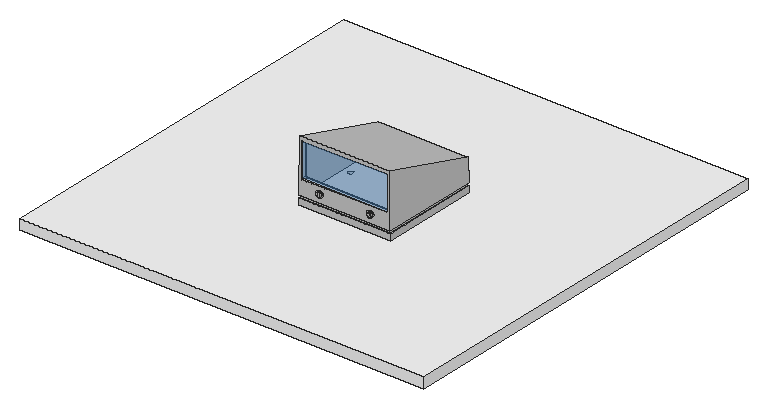
Revit family "BE_22215_de_DE", category Leuchten, Revit 2015
Parameters (values of type "BEGA_22215_Silber_K4")
  built-in parameter 1150104 = 12.387 (stored number, unit not read)
  Wattage = 2.1 W
  Default Elevation = 0 mm
  built-in parameter 1150113 = 1 (stored number, unit not read)
  built-in parameter 1114218 = 1 (stored number, unit not read)
  Umgebungstemperatur = ""
  URL = "http://www.bega.de/produkt/22215"
  Typenkommentare = "© 2016 BEGA. Wir behalten uns das Recht vor, technische Änderungen ohne vorherige Ankündigung vorzunehmen."  # constant formula
  Type Image = 22215.png
  built-in parameter 1150134 = 12
  built-in parameter 1150109 = 1 (stored number, unit not read)
  Strom = ""
  built-in parameter 1150110 = 1 (stored number, unit not read)
  Spannung = 0 V
  Sonderanfertigung = no
  Seriennummer [instance] = "Hier können Sie die eindeutige Seriennummer für das Facility Management eintragen."
  Schutzklasse = "I"
  Schutzart = "IP 64"
  Scheinlast = 0 VA
  Produktdatenblatt = "http://www.bega.de/download/Xrfa/db/22215.db.de.pdf"
  Oberflächentemperatur = ""
  Neigungswinkel = 0.00°
  Modell = "22215AK4"
  Material_10 = BEGA_Glas_matt
  Material_06 = BEGA_Oberfläche_Edelstahl_gebürstet
  Material_02 = BEGA_Oberfläche_Silber_matt
  Material_01 [instance] = BEGA_Oberfläche_Grafit_matt
  M_W = no
  M_G = no
  M_A = yes
  Logo = 0
  built-in parameter 1114217 = 1 (stored number, unit not read)
  built-in parameter 1150139 = (empty or 0)
  built-in parameter 1150105 = 22.281 (stored number, unit not read)
  built-in parameter 1150114 = 1 (stored number, unit not read)
  Lumens = 279.993 lm
  built-in parameter 1150115 = 1 (stored number, unit not read)
  Leuchtenlichtstrom = "173 lm"
  Leuchtenanzahl = ""
  Lebensdauerkriterien = "L70 = 50.000 h"
  Lastklassifizierung = Beleuchtung
  built-in parameter 1150112 = 1 (stored number, unit not read)
  Lampenlichtstrom = "280 lm"
  Lampe = "LED 2.1 W"
  LED_Modulbezeichnung = "LED-0234/840 "
  built-in parameter 1150142 = (empty or 0)
  Hersteller = "BEGA"  # constant formula
  Halbstreuwinkel = ""
  Gewicht = "0.4 kg"
  Gebrauchslageneinschränkung [instance] = ""
  Frequenz = "0/50-60 Hz"
  Farbwiedergabeindex = "Ra > 80"
  Farbtemperaturverschiebung bei Dämpfen der Lampe = <Keine Auswahl>
  Farbtemperatur = "4000 K"
  Color Filter = 16777215
  built-in parameter 1150133 = 10 (stored number, unit not read)
  Energieeffizienzklasse = "LED A++ - A"
  built-in parameter 1150137 = (empty or 0)
  built-in parameter 1150132 = (empty or 0)
  ENEC = "ja"
  Datei für fotometrisches Netz = "BE_22215K4.IES"
  CE_Konformität = "ja"
  Bestellnummer = "22215AK4"
  Beschreibung_Sonderanfertigung = "Hier können Sie Informationen zur Sonderanfertigung eintragen."
  Beschreibung = "Wandleuchte"
  built-in parameter 1150106 = 0.22281 (stored number, unit not read)
  Befestigungsbohrung = "Ø 4,3 mm"
  Befestigungsabstand = "65 mm"
  Ballwurfsicher = ""
  BEGA_Intern_aus = yes
  BEGA_Intern_an = yes
  BEGA_Intern_Konstruktion = yes
  BEGA_Intern = yes
  BEGA_IES = yes
  BEGA_Dummy = no
  Anschlussleitung = ""
  Anschlussleistung [instance] = "3.4 W"
  built-in parameter 1150107 = 4000 (stored number, unit not read)
  built-in parameter 1150102 = (empty or 0)
  built-in parameter 1150138 = (empty or 0)
  Aktualisierung = "2016-06-16T04:10:53"
  Abstand_zur_angestrahlten_Fläche [instance] = ""
  AC/DC = "AC/DC"
Types (4, lengths in mm): name | built-in parameter 1150134 | Modell | M_G | M_A | LED_Modulbezeichnung | Farbtemperatur | Datei für fotometrisches Netz | Bestellnummer | built-in parameter 1150107
  BEGA_22215_Silber_K3 | (empty or 0) | "22215A" | no | yes | "LED-0234/830 " | "3000 K" | "BE_22215.IES" | "22215A" | 3000 (stored number, unit not read)
  BEGA_22215_Grafit_K3 | (empty or 0) | "22215" | yes | no | "LED-0234/830 " | "3000 K" | "BE_22215.IES" | "22215" | 3000 (stored number, unit not read)
  BEGA_22215_Grafit_K4 | 12 | "22215K4" | yes | no | "LED-0234/840 " | "4000 K" | "BE_22215K4.IES" | "22215K4" | 4000 (stored number, unit not read)
  BEGA_22215_Silber_K4 | 12 | "22215AK4" | no | yes | "LED-0234/840 " | "4000 K" | "BE_22215K4.IES" | "22215AK4" | 4000 (stored number, unit not read)
Reference planes
  plane 1 "Mitte (Vorne/Hinten)": y = 0
  plane 2: z = 0
  plane 3 "Mitte (Links/Rechts)": x = 0
  plane 4 "Links": x = -45.162
  plane 5 "Rechts": x = 45.162
  plane 6 "Unten": y = -48.412
  plane 7 "Oben": y = 48.412
  plane 8 "Vorne": z = 61.629
Forms (mm)
  Extrusion 1, solid, material "BEGA_Platte_Weiss"
    sketch origin (0, -1119.2, 0) x (1, 0, 0) y (0, 1, 0)
      loop
        line (-200, 1319.2) -> (-200, 919.2) -> (200, 919.2) -> (200, 1319.2) -> (-200, 1319.2)
    from 0 to -10
  Extrusion 2, solid, material "BEGA_Dummy_matt", visible <- "BEGA_Dummy"
    sketch origin (80.095, -76.023, 0) x (1, 0, 0) y (0, 1, 0)
      loop
        line (-125.258, 124.435) -> (-125.258, 27.611) -> (-34.933, 27.611) -> (-34.933, 124.435) -> (-125.258, 124.435)
    from 0 to 61.629
Dimensions and locks
  plane 1 "Mitte (Vorne/Hinten)" to Extrusion 1 = 200 mm
  aligned and locked: plane 2 to Extrusion 1
  aligned and locked: level to Extrusion 1
Nested families
  nested 1: "BE_22215" at (0, 0, 0) x (0, -1, 0) z (0, 0, 1), type "BE_22215"
Connectors
  electrical at (0, 0, 0), driven by "Lastklassifizierung", driven by "Spannung", driven by "Scheinlast"
    settings: index 1, voltage 0 V, apparent load 0 VA, apparent load phase1 0 VA, apparent load phase2 0 VA, apparent load phase3 0 VA, power factor 1, load classification "Beleuchtung", number of poles 1, system type 31, power factor state 1, is connector primary yes, connector utility no, sub classification motor no, connector description ""
Definition of nested family "BE_22215"
  Parameters (values of type "BE_22215")
    Default Elevation = 1 mm
    URL = "http://www.bega.de/de/produkt"
    Type Comments = "© 2015 BEGA. Wir behalten uns das Recht vor, technische Änderungen ohne vorherige Ankündigung vorzunehmen. "  # constant formula
    Type Image = (empty or 0)
    Material_17 = none
    Material_15 = none
    Material_11 = none
    Material_10 = none
    Material_09 = none
    Material_06 = none
    Material_03 = none
    Material_02 = none
    Material_01 = none
    M_W = yes
    M_G = yes
    M_A = yes
    Länge_Platte = 200 mm  # constant formula
    Höhe_Platte = -10 mm  # constant formula
    Manufacturer = "BEGA"  # constant formula
    Breite_Platte = 200 mm  # constant formula
  Reference planes
    plane 1 "Mitte (Oben/Unten)": y = 0
    plane 2: z = 0
    plane 3 "Mitte (Links/Rechts)": x = 0
    plane 4 "Vorne": z = 61.629
    plane 5 "Hinten": z = 0
    plane 6 "Links": x = -48.412
    plane 7 "Unten": y = -45.162
    plane 8: x = 48.412
    plane 9: y = 45.162
  Forms (mm)
    Extrusion 1, solid, detail levels medium
      sketch origin (0, 0, 0) x (1, 0, 0) y (0, 1, 0)
        loop
          line (-100, 100) -> (-100, -100) -> (100, -100) -> (100, 100) -> (-100, 100)
      from 0 to -10 <- "Höhe_Platte"
    Sweep 2, solid, material <- "Material_01", visible <- "M_G", detail levels medium+fine
      path origin (0, 0, 0) x (1, 0, 0) y (0, 1, 0)
        loop
          line (-48.412, -45.162) -> (48.412, -45.162) -> (48.412, 45.162) -> (-48.412, 45.162) -> (-48.412, -45.162)
      profile origin (-48.412, 0, 0) x (-1, 0, 0) y (0, 0, 1)
        loop
          line (0, 0) -> (0, 6.27) -> (-0.971, 6.27) -> (-0.971, 8.699) -> (-3.859, 11.3) -> (-9.219, 11.3) -> (-9.219, 9) -> (-6.491, 9) -> (-6.491, 0) -> (0, 0)
    Extrusion 3, solid, material <- "Material_01", visible <- "M_G", detail levels medium+fine
      sketch origin (0, 0, 0) x (1, 0, 0) y (0, 1, 0)
        loop
          line (-39.193, -35.943) -> (39.193, -35.943) -> (39.193, 35.943) -> (-39.193, 35.943) -> (-39.193, -35.943)
      from 9 to 11.3
    Extrusion 4, solid, material <- "Material_01", visible <- "M_G", detail levels medium+fine
      sketch origin (0, 0, 0) x (1, 0, 0) y (0, 0, 1)
        loop
          line (-47.897, 31.324) -> (-48.292, 8.699) -> (-47.442, 8.699) -> (-45.222, 10.697) -> (-44.575, 29.225) -> (43.708, 57.061) -> (43.708, 11.851) -> (47.208, 8.699) -> (48.208, 8.699) -> (48.208, 61.625) -> (-47.897, 31.324)
      from -44.986 to 45.007
    Extrusion 5, solid, material <- "Material_01", visible <- "M_G", detail levels medium+fine
      sketch origin (0, 0, 0) x (1, 0, 0) y (0, 0, 1)
        loop
          line (48.208, 61.625) -> (-47.897, 31.324) -> (-48.292, 8.699) -> (48.208, 8.699) -> (48.208, 61.625)
      from 41.297 to 45.007
    Extrusion 6, solid, material <- "Material_01", visible <- "M_G", detail levels medium+fine
      sketch origin (0, 0, 0) x (1, 0, 0) y (0, 0, -1)
        loop
          line (48.208, -61.625) -> (48.208, -8.699) -> (-48.292, -8.699) -> (-47.897, -31.324) -> (48.208, -61.625)
      from 41.297 to 44.986
    Extrusion 7, void
      sketch origin (0, 0, 0) x (1, 0, 0) y (0, 0, 1)
        loop
          line (43.75, 23.237) -> (48.208, 23.237) -> (48.208, 57.707) -> (43.75, 57.707) -> (43.75, 23.237)
      from -42.296 to 42.257
    Extrusion 8, solid, material <- "Material_10", detail levels medium+fine
      sketch origin (0, 0, 0) x (1, 0, 0) y (0, 0, 1)
        loop
          line (43.75, 57.4) -> (43.75, 23.509) -> (47.75, 23.509) -> (47.75, 57.4) -> (43.75, 57.4)
      from -41.967 to 41.912
    Revolve 9, solid, material <- "Material_06", detail levels fine
      sketch origin (0, -25, 0) x (1, 0, 0) y (0, 0, 1)
        loop
          line (47.46, 19.692) -> (47.46, 16.49) -> (49.827, 16.49) -> (49.827, 18.49) -> (48.708, 18.49) -> (48.708, 19.692) -> (47.46, 19.692)
        axis (47.46, 16.49) -> (49.827, 16.49)
      angle from 0 to 360
    Revolve 10, solid, material <- "Material_06", detail levels fine
      sketch origin (0, 25.123, 0) x (1, 0, 0) y (0, 0, -1)
        loop
          line (47.46, -19.692) -> (48.708, -19.692) -> (48.708, -18.49) -> (49.827, -18.49) -> (49.827, -16.49) -> (47.46, -16.49) -> (47.46, -19.692)
        axis (47.46, -16.49) -> (49.827, -16.49)
      angle from 0 to 360
    Sweep 11, solid, material <- "Material_02", visible <- "M_A", detail levels medium+fine
      path origin (0, 0, 0) x (1, 0, 0) y (0, 1, 0)
        loop
          line (-48.412, -45.162) -> (48.412, -45.162) -> (48.412, 45.162) -> (-48.412, 45.162) -> (-48.412, -45.162)
      profile origin (-48.412, 0, 0) x (-1, 0, 0) y (0, 0, 1)
        loop
          line (0, 0) -> (0, 6.27) -> (-0.971, 6.27) -> (-0.971, 8.699) -> (-3.859, 11.3) -> (-9.219, 11.3) -> (-9.219, 9) -> (-6.491, 9) -> (-6.491, 0) -> (0, 0)
    Extrusion 12, solid, material <- "Material_02", visible <- "M_A", detail levels medium+fine
      sketch origin (0, 0, 0) x (1, 0, 0) y (0, 1, 0)
        loop
          line (-39.193, -35.943) -> (39.193, -35.943) -> (39.193, 35.943) -> (-39.193, 35.943) -> (-39.193, -35.943)
      from 9 to 11.3
    Extrusion 13, solid, material <- "Material_02", visible <- "M_A", detail levels medium+fine
      sketch origin (0, 0, 0) x (1, 0, 0) y (0, 0, 1)
        loop
          line (-47.897, 31.324) -> (-48.292, 8.699) -> (-47.442, 8.699) -> (-45.222, 10.697) -> (-44.575, 29.225) -> (43.708, 57.061) -> (43.708, 11.851) -> (47.208, 8.699) -> (48.208, 8.699) -> (48.208, 61.625) -> (-47.897, 31.324)
      from -44.986 to 45.007
    Extrusion 14, solid, material <- "Material_02", visible <- "M_A", detail levels medium+fine
      sketch origin (0, 0, 0) x (1, 0, 0) y (0, 0, 1)
        loop
          line (48.208, 61.625) -> (-47.897, 31.324) -> (-48.292, 8.699) -> (48.208, 8.699) -> (48.208, 61.625)
      from 41.297 to 45.007
    Extrusion 15, solid, material <- "Material_02", visible <- "M_A", detail levels medium+fine
      sketch origin (0, 0, 0) x (1, 0, 0) y (0, 0, -1)
        loop
          line (48.208, -61.625) -> (48.208, -8.699) -> (-48.292, -8.699) -> (-47.897, -31.324) -> (48.208, -61.625)
      from 41.297 to 44.986
    Extrusion 16, void
      sketch origin (0, 0, 0) x (1, 0, 0) y (0, 1, 0)
        loop
          circle (-27.65, 18.5) r 7.5
        loop
          circle (0, -32.5) r 2.54
        loop
          circle (0, 32.5) r 2.54
      from 0 to 14.981
    Extrusion 17, void
      sketch origin (0, 0, 0) x (0, 1, 0) y (0, 0, 1)
        loop
          line (-45.007, 8.699) -> (-44.028, 64.821) -> (-45.007, 64.821) -> (-45.007, 8.699)
        loop
          line (44.986, 8.699) -> (44.986, 64.821) -> (44.007, 64.821) -> (44.986, 8.699)
      from -50.426 to 52.245
  Cuts and joins
    Extrusion 16 cuts Sweep 2
    Extrusion 16 cuts Extrusion 3
    joined: Sweep 2, Extrusion 3
    Extrusion 7, Extrusion 16, Extrusion 17 cuts Extrusion 4
    Extrusion 7, Extrusion 16, Extrusion 17 cuts Extrusion 5
    Extrusion 7, Extrusion 16, Extrusion 17 cuts Extrusion 6
    joined: Extrusion 4, Extrusion 5, Extrusion 6
    Extrusion 16 cuts Sweep 11
    Extrusion 16 cuts Extrusion 12
    joined: Sweep 11, Extrusion 12
    Extrusion 7, Extrusion 16, Extrusion 17 cuts Extrusion 13
    Extrusion 7, Extrusion 16, Extrusion 17 cuts Extrusion 14
    Extrusion 7, Extrusion 16, Extrusion 17 cuts Extrusion 15
    joined: Extrusion 13, Extrusion 14, Extrusion 15
  Dimensions and locks
    equal spacing: Extrusion 1 sketch curve, plane 3 "Mitte (Links/Rechts)", Extrusion 1 sketch curve
    equal spacing: Extrusion 1 sketch curve, plane 1 "Mitte (Oben/Unten)", Extrusion 1 sketch curve
    "Länge_Platte": Extrusion 1 sketch curve to Extrusion 1 sketch curve
    "Breite_Platte": Extrusion 1 sketch curve to Extrusion 1 sketch curve
    aligned and locked: Extrusion 1 to plane 2
    aligned and locked: level to Extrusion 1
  Automatic sketch dimensions
    Sweep 2 sketch curve to plane 3 "Mitte (Links/Rechts)" = 48.412 mm
    plane 3 "Mitte (Links/Rechts)" to Sweep 2 sketch curve = 48.412 mm
    plane 1 "Mitte (Oben/Unten)" to Sweep 2 sketch curve = 45.162 mm
    Sweep 2 sketch curve to plane 1 "Mitte (Oben/Unten)" = 45.162 mm
    Sweep 2 sketch curve to level = 0 mm
    Sweep 2 sketch curve to profile plane = 0 mm
    profile plane to Sweep 2 sketch curve = 0.971 mm
    profile plane to Sweep 2 sketch curve = 3.859 mm
    Sweep 2 sketch curve to Sweep 2 sketch curve = 2.631 mm
    Sweep 2 sketch curve to Sweep 2 sketch curve = 2.728 mm
    level to Sweep 2 sketch curve = 6.27 mm
    Sweep 2 sketch curve to Sweep 2 sketch curve = 2.429 mm
    Sweep 2 sketch curve to Sweep 2 sketch curve = 0.301 mm
    Sweep 2 sketch curve to Sweep 2 sketch curve = 2.3 mm
    Extrusion 3 sketch curve to plane 3 "Mitte (Links/Rechts)" = 39.193 mm
    plane 3 "Mitte (Links/Rechts)" to Extrusion 3 sketch curve = 39.193 mm
    plane 1 "Mitte (Oben/Unten)" to Extrusion 3 sketch curve = 35.943 mm
    Extrusion 3 sketch curve to plane 1 "Mitte (Oben/Unten)" = 35.943 mm
    level to Extrusion 4 sketch curve = 8.699 mm  (x2)
    Extrusion 4 sketch curve to plane 3 "Mitte (Links/Rechts)" = 48.292 mm
    Extrusion 4 sketch curve to Extrusion 4 sketch curve = 0.395 mm
    Extrusion 4 sketch curve to Extrusion 4 sketch curve = 0.85 mm
    level to Extrusion 4 sketch curve = 10.697 mm
    Extrusion 4 sketch curve to Extrusion 4 sketch curve = 2.219 mm
    Extrusion 4 sketch curve to Extrusion 4 sketch curve = 3.322 mm
    plane 3 "Mitte (Links/Rechts)" to Extrusion 4 sketch curve = 43.708 mm
    Extrusion 4 sketch curve to Extrusion 4 sketch curve = 3.501 mm
    Extrusion 4 sketch curve to Extrusion 4 sketch curve = 0.999 mm
    Extrusion 4 sketch curve to Extrusion 4 sketch curve = 3.152 mm
    Extrusion 4 sketch curve to Extrusion 4 sketch curve = 18.528 mm
    Extrusion 4 sketch curve to Extrusion 4 sketch curve = 2.098 mm
    Extrusion 4 sketch curve to Extrusion 4 sketch curve = 45.21 mm
    Extrusion 4 sketch curve to Extrusion 4 sketch curve = 4.564 mm
    level to Extrusion 5 sketch curve = 8.699 mm
    Extrusion 5 sketch curve to plane 3 "Mitte (Links/Rechts)" = 48.292 mm
    Extrusion 5 sketch curve to Extrusion 5 sketch curve = 0.395 mm
    plane 3 "Mitte (Links/Rechts)" to Extrusion 5 sketch curve = 48.208 mm
    Extrusion 5 sketch curve to Extrusion 5 sketch curve = 22.625 mm
    Extrusion 5 sketch curve to Extrusion 5 sketch curve = 52.926 mm
    level to Extrusion 6 sketch curve = 8.699 mm
    Extrusion 6 sketch curve to plane 3 "Mitte (Links/Rechts)" = 48.292 mm
    Extrusion 6 sketch curve to Extrusion 6 sketch curve = 0.395 mm
    plane 3 "Mitte (Links/Rechts)" to Extrusion 6 sketch curve = 48.208 mm
    Extrusion 6 sketch curve to Extrusion 6 sketch curve = 22.625 mm
    Extrusion 6 sketch curve to Extrusion 6 sketch curve = 52.926 mm
    plane 3 "Mitte (Links/Rechts)" to Extrusion 7 sketch curve = 43.75 mm
    Extrusion 7 sketch curve to Extrusion 7 sketch curve = 4.458 mm
    level to Extrusion 7 sketch curve = 23.237 mm
    Extrusion 7 sketch curve to Extrusion 7 sketch curve = 34.47 mm
    plane 3 "Mitte (Links/Rechts)" to Extrusion 8 sketch curve = 43.75 mm
    Extrusion 8 sketch curve to Extrusion 8 sketch curve = 4 mm
    level to Extrusion 8 sketch curve = 23.509 mm
    Extrusion 8 sketch curve to Extrusion 8 sketch curve = 33.891 mm
    Sweep 11 sketch curve to plane 3 "Mitte (Links/Rechts)" = 48.412 mm
    plane 3 "Mitte (Links/Rechts)" to Sweep 11 sketch curve = 48.412 mm
    plane 1 "Mitte (Oben/Unten)" to Sweep 11 sketch curve = 45.162 mm
    Sweep 11 sketch curve to plane 1 "Mitte (Oben/Unten)" = 45.162 mm
    Sweep 11 sketch curve to level = 0 mm
    Sweep 11 sketch curve to profile plane = 0 mm
    profile plane to Sweep 11 sketch curve = 0.971 mm
    profile plane to Sweep 11 sketch curve = 3.859 mm
    Sweep 11 sketch curve to Sweep 11 sketch curve = 2.631 mm
    Sweep 11 sketch curve to Sweep 11 sketch curve = 2.728 mm
    level to Sweep 11 sketch curve = 6.27 mm
    Sweep 11 sketch curve to Sweep 11 sketch curve = 2.429 mm
    Sweep 11 sketch curve to Sweep 11 sketch curve = 0.301 mm
    Sweep 11 sketch curve to Sweep 11 sketch curve = 2.3 mm
    Extrusion 12 sketch curve to plane 3 "Mitte (Links/Rechts)" = 39.193 mm
    plane 3 "Mitte (Links/Rechts)" to Extrusion 12 sketch curve = 39.193 mm
    plane 1 "Mitte (Oben/Unten)" to Extrusion 12 sketch curve = 35.943 mm
    Extrusion 12 sketch curve to plane 1 "Mitte (Oben/Unten)" = 35.943 mm
    level to Extrusion 13 sketch curve = 8.699 mm  (x2)
    Extrusion 13 sketch curve to plane 3 "Mitte (Links/Rechts)" = 48.292 mm
    Extrusion 13 sketch curve to Extrusion 13 sketch curve = 0.395 mm
    Extrusion 13 sketch curve to Extrusion 13 sketch curve = 0.85 mm
    level to Extrusion 13 sketch curve = 10.697 mm
    Extrusion 13 sketch curve to Extrusion 13 sketch curve = 2.219 mm
    Extrusion 13 sketch curve to Extrusion 13 sketch curve = 3.322 mm
    plane 3 "Mitte (Links/Rechts)" to Extrusion 13 sketch curve = 43.708 mm
    Extrusion 13 sketch curve to Extrusion 13 sketch curve = 3.501 mm
    Extrusion 13 sketch curve to Extrusion 13 sketch curve = 0.999 mm
    Extrusion 13 sketch curve to Extrusion 13 sketch curve = 3.152 mm
    Extrusion 13 sketch curve to Extrusion 13 sketch curve = 18.528 mm
    Extrusion 13 sketch curve to Extrusion 13 sketch curve = 2.098 mm
    Extrusion 13 sketch curve to Extrusion 13 sketch curve = 45.21 mm
    Extrusion 13 sketch curve to Extrusion 13 sketch curve = 4.564 mm
    level to Extrusion 14 sketch curve = 8.699 mm
    Extrusion 14 sketch curve to plane 3 "Mitte (Links/Rechts)" = 48.292 mm
    Extrusion 14 sketch curve to Extrusion 14 sketch curve = 0.395 mm
    plane 3 "Mitte (Links/Rechts)" to Extrusion 14 sketch curve = 48.208 mm
    Extrusion 14 sketch curve to Extrusion 14 sketch curve = 22.625 mm
    Extrusion 14 sketch curve to Extrusion 14 sketch curve = 52.926 mm
    level to Extrusion 15 sketch curve = 8.699 mm
    Extrusion 15 sketch curve to plane 3 "Mitte (Links/Rechts)" = 48.292 mm
    Extrusion 15 sketch curve to Extrusion 15 sketch curve = 0.395 mm
    plane 3 "Mitte (Links/Rechts)" to Extrusion 15 sketch curve = 48.208 mm
    Extrusion 15 sketch curve to Extrusion 15 sketch curve = 22.625 mm
    Extrusion 15 sketch curve to Extrusion 15 sketch curve = 52.926 mm
    Extrusion 16 sketch curve to plane 1 "Mitte (Oben/Unten)" = 18.5 mm
    Extrusion 16 sketch curve to Extrusion 16 sketch curve = 27.65 mm  (x2)
    plane 1 "Mitte (Oben/Unten)" to Extrusion 16 sketch curve = 32.5 mm
    Extrusion 16 sketch curve to plane 1 "Mitte (Oben/Unten)" = 32.5 mm
    plane 6 "Links" to Extrusion 16 sketch curve = 20.762 mm
    plane 8 to Revolve 9 sketch curve = 0.952 mm
    Revolve 9 sketch curve to plane 8 = 0.295 mm
    Revolve 9 sketch curve to Revolve 9 sketch curve = 1.119 mm
    level to Revolve 9 sketch curve = 16.49 mm
    Revolve 9 sketch curve to Revolve 9 sketch curve = 2 mm
    Revolve 9 sketch curve to Revolve 9 sketch curve = 1.202 mm
    Revolve 9 sketch curve to Revolve 9 sketch curve = 0 mm  (x2)
    Revolve 9 sketch curve to Revolve 9 sketch curve = 0.881 mm
    plane 8 to Revolve 10 sketch curve = 0.952 mm
    Revolve 10 sketch curve to plane 8 = 0.295 mm
    Revolve 10 sketch curve to plane 8 = 1.415 mm
    level to Revolve 10 sketch curve = 19.692 mm
    Revolve 10 sketch curve to Revolve 10 sketch curve = 1.202 mm
    Revolve 10 sketch curve to Revolve 10 sketch curve = 2 mm
    Revolve 10 sketch curve to Revolve 10 sketch curve = 0 mm  (x2)
    Revolve 10 sketch curve to Revolve 10 sketch curve = 0.881 mm
    plane 7 "Unten" to Extrusion 17 sketch curve = 0.155 mm
    Extrusion 17 sketch curve to Extrusion 17 sketch curve = 0.98 mm
    plane 9 to Extrusion 17 sketch curve = 1.156 mm
    plane 9 to Extrusion 17 sketch curve = 0.176 mm
    level to Extrusion 17 sketch curve = 8.699 mm  (x2)
    plane 4 "Vorne" to Extrusion 17 sketch curve = 3.192 mm  (x2)
    radius of Extrusion 16 sketch curve = 7.5 mm
    radius of Extrusion 16 sketch curve = 2.54 mm  (x2)
